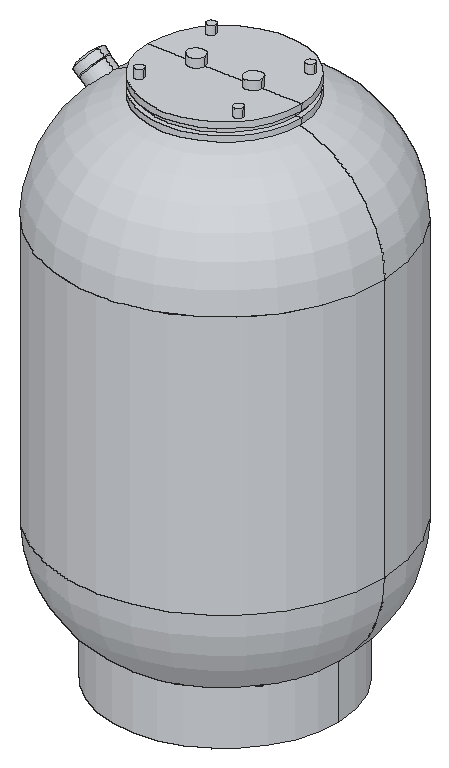
Revit family "FXA-50-WG", category Mechanical Equipment, Revit 2014
Parameters (values of type "FXA-50-WG")
  VoidLength = F * 0.25  # 2 1/2"
  URL = "http://westank.com/"
  TankVolume = "13 Gallons"
  PartNumber = "21010050"
  OuterRadius = F / 2  # 5"
  Model = "FXA-50-WG"
  MaximumOperatingTemperature = "240°F"
  MaximumOperatingPressure = "125 PSIG"
  Manufacturer = "Wessels Company"
  InnerRadius = (F * 0.9844) / 2  # 4.922"
  HandleAngle = 41.00°
  F = 10"
  C = 3/4"
  B = 24"
  ApproximateShipmentWeight = "50 lbs"
  Angle = 41.00°
  A = 14"
Types (2): name | TankVolume | PartNumber | Model | MaximumOperatingTemperature | MaximumOperatingPressure | Manufacturer | ApproximateShipmentWeight
  FXA-50-WG | "13 Gallons" | "21010050" | "FXA-50-WG" | "240°F" | "125 PSIG" | "Wessels Company" | "50 lbs"
  NLA-35 | "" | "" | "22010035" | "" | "" | "Wessels COmpany" | ""
Reference planes (in)
  plane 1 "Center (Front/Back)": y = 0
  plane 2: z = 0
  plane 3 "Center (Left/Right)": x = 0
  plane 4: x = -7
  plane 5: z = 5.47343
  plane 6: y = 1.9685
  plane 7: y = -1.9685
  plane 8: x = 2.1751
  plane 9: x = -2.1751
  plane 10: z = 24
  plane 11: x = 7
  plane 12: z = 16.99842
  plane 13: x = 0.875
  plane 14: x = 1.625
  plane 15: x = -5
  plane 16: x = 5
Forms (in)
  Revolve 1, solid
    sketch origin (0, 0, -5.125) x (1, 0, 0) y (0, 0, 1)
      loop
        line (0, 27.97933) -> (-2.92524, 27.97933)
        arc (-2.92524, 27.97933) -> (-5.84504, 26.31175) -> (-7, 23.15387) r 4.89461
        line (-7, 23.15387) -> (-7, 11.46384)
        arc (-7, 11.46384) -> (-5.84504, 8.30596) -> (-2.92524, 6.63838) r 4.89461
        line (-2.92524, 6.63838) -> (0, 6.63838) -> (0, 27.97933)
      axis (0, 27.97933) -> (0, 6.63838)
    angle from 0 to 360
  Extrusion 2, solid
    sketch origin (0, 0, 0) x (1, 0, 0) y (0, 1, 0)
      loop
        circle (0, 0) r 5
      loop
        circle (0, 0) r 4.922
    from 5.47343 to 0
  Revolve 3, solid
    sketch origin (0, 0, 0) x (1, 0, 0) y (0, 0, 1)
      loop
        line (0, 23.64567) -> (0, 22.85433) -> (3.36891, 22.85433) -> (3.36891, 23.10433) -> (3.11891, 23.10433) -> (3.11891, 23.38832) -> (3.36891, 23.38832) -> (3.36891, 23.64567) -> (0, 23.64567)
      axis (0, 23.64567) -> (0, 22.85433)
    angle from 0 to 360
  Extrusion 4, solid
    sketch origin (-60.41868, -180, 22.85433) x (-1, 0, 0) y (0, -1, 0)
      loop
        circle (-58.24358, -181.9685) r 0.19685
      loop
        circle (-58.24358, -178.0315) r 0.19685
      loop
        circle (-62.59379, -178.0315) r 0.19685
      loop
        circle (-62.59379, -181.9685) r 0.19685
    from 1.14567 to 0.79134
  Extrusion 5, solid
    sketch origin (-60.41868, -180, 22.85433) x (-1, 0, 0) y (0, -1, 0)
      loop
        circle (-59.16868, -180) r 0.375
      loop
        circle (-61.66868, -180) r 0.375
    from 1.14567 to 0.79134
  Revolve 6, solid
    sketch origin (0, 0, 16.99842) x (-0.75471, 0, 0.656059) y (-0.656059, 0, -0.75471)
      loop
        line (6.89266, 0) -> (6.89266, -0.64856) -> (7.53908, -0.64856) -> (7.56239, -0.67188) -> (7.90285, -0.67188)
        arc (7.90285, -0.67188) -> (8.01101, -0.34361) -> (7.97367, 0) r 0.81647
        line (7.97367, 0) -> (6.89266, 0)
      axis (6.89266, 0) -> (7.97367, 0)
    angle from 0 to 360
Cuts and joins
  joined: Revolve 1, Extrusion 2, Revolve 3, Revolve 6
Lines and regions (in)
  reference lines
    curve 1: line (0, 0, 16.99842) -> (-5.47164, 0, 21.75485)
Dimensions and locks (in)
  plane 5 to level = 5.47343"
  equal spacing: plane 9, plane 3 "Center (Left/Right)", plane 8
  equal spacing: plane 6, plane 1 "Center (Front/Back)", plane 7
  "B": plane 10 to level
  equal spacing: plane 11, plane 3 "Center (Left/Right)", plane 4
  "A": plane 11 to plane 4
  locked: Extrusion 5 sketch curve to plane 1 "Center (Front/Back)" at 0  (x2)
  "C": plane 13 to plane 14
  equal spacing: plane 16, plane 3 "Center (Left/Right)", plane 15
  "F": plane 16 to plane 15
  "OuterRadius": radius of Extrusion 2 sketch curve
  "InnerRadius": radius of Extrusion 2 sketch curve
  "C": diameter of Extrusion 5 sketch curve
  "Angle": angle curve 1 to plane 12
  aligned and locked: level to plane 2
  aligned and locked: Extrusion 2 to level
  aligned and locked: Revolve 3 sketch curve to plane 3 "Center (Left/Right)"  (x2)
  aligned and locked: plane 10 to Extrusion 4
  aligned and locked: plane 4 to Revolve 1 sketch curve
  aligned and locked: plane 10 to Extrusion 5
  aligned and locked: plane 3 "Center (Left/Right)" to curve 1
  aligned and locked: plane 12 to curve 1
  aligned and locked: Revolve 6 sketch curve to curve 1
  aligned and locked: Revolve 6 sketch curve to Revolve 6 sketch curve
  aligned and locked: plane 13 to Extrusion 5
  aligned and locked: plane 14 to Extrusion 5
Automatic sketch dimensions
  Revolve 3 sketch curve to Revolve 3 sketch curve = 1/4"  (x3)
  Revolve 3 sketch curve to Revolve 3 sketch curve = 1/2"
  Revolve 1 sketch curve to plane 3 "Center (Left/Right)" = 0"  (x2)
  Revolve 1 sketch curve to level = 2.26259"
  plane 5 to Revolve 1 sketch curve = 0.86541"
  Extrusion 4 sketch curve to plane 7 = 0"  (x2)
  Extrusion 4 sketch curve to plane 8 = 0"  (x2)
  Extrusion 4 sketch curve to plane 6 = 0"  (x2)
  Extrusion 4 sketch curve to plane 9 = 0"  (x2)
  Revolve 6 sketch curve to curve 1 = 0"  (x2)
  Revolve 6 sketch curve to Revolve 6 sketch curve = 0.30638"
  curve 1 to Revolve 6 sketch curve = 37/128"
  Revolve 6 sketch curve to Revolve 6 sketch curve = 0.02331"  (x2)
  curve 1 to Revolve 6 sketch curve = 0.25803"
  Revolve 6 sketch curve to Revolve 6 sketch curve = 0.39053"
  curve 1 to Revolve 6 sketch curve = 0.65285"
  curve 1 to Revolve 6 sketch curve = 0.72367"
  plane 8 to Revolve 3 sketch curve = 0.94381"
  Revolve 1 sketch curve to plane 9 = 0.75013"  (x2)
  plane 9 to Revolve 1 sketch curve = 0.06971"  (x2)
  Extrusion 2 sketch curve to Extrusion 2 sketch curve = 0"  (x2)
  plane 1 "Center (Front/Back)" to Extrusion 2 sketch curve = 0"
  Extrusion 2 sketch curve to plane 3 "Center (Left/Right)" = 0"
  Extrusion 5 sketch curve to plane 13 = 3/8"
  plane 9 to Extrusion 5 sketch curve = 0.9251"
  Revolve 3 sketch curve to Revolve 3 sketch curve = 0.28399"
  Revolve 3 sketch curve to Revolve 3 sketch curve = 0.25735"
  plane 12 to Revolve 1 sketch curve = 1.03045"
  Revolve 1 sketch curve to Revolve 1 sketch curve = 1.77165"
  Revolve 3 sketch curve to plane 10 = 1.14567"
  Revolve 3 sketch curve to Revolve 3 sketch curve = 0"
  radius of Extrusion 4 sketch curve = 0.19685"  (x4)
  radius of Extrusion 5 sketch curve = 3/8"
Connectors (in)
  piping at (1.25, 0, 24), diameter 0.75, driven by "C"
    settings: on Extrusion 5, index 3, connector inside diameter 24", connector length 0", flow factor 0, pipe flow 0 GPM, pressure drop 0.00 psi, fitting loss kfactor 0, connector angle 0.00°, fixture units 0, engagement length 0", angle of deflection 0.00°, flow configuration 0, flow direction 0, fitting loss method 0, system type 19, joint type 0, gender type 0, connector reference index -1, connector utility 0, adjustable connector no, is connector primary yes, connector description ""
